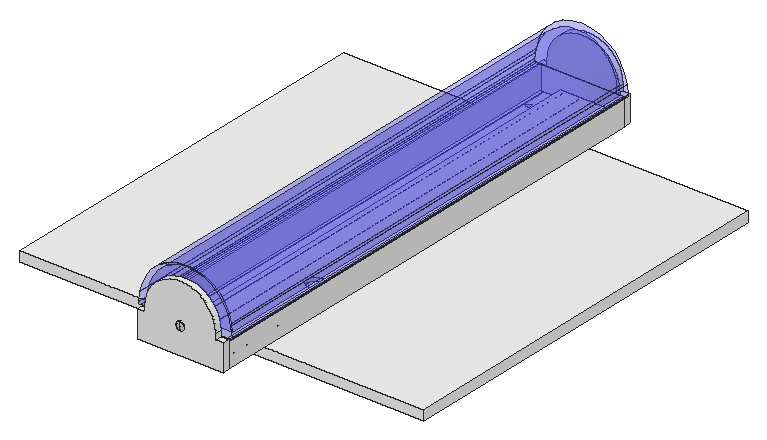
Revit family "BE_50224.1_de_DE", category Leuchten, Revit 2020
Family settings
  Basisbauteil = Fläche
  Bemaßung runder Anschluss = Durchmesser verwenden
  Teiletyp = Normal
  Beim Laden mit Abzugskörper schneiden = Ja
  Lichtquelle = Ja
  Gemeinsam genutzt = Nein
  Raumberechnungspunkt = Ja
Parameters (values of type "BEGA_50224.1_K27")
  built-in parameter 1150104 = 12.551 (stored number, unit not read)
  Wattage = 11.4 W
  Default Elevation = 0 mm
  built-in parameter 1150113 = 1 (stored number, unit not read)
  built-in parameter 1114218 = 1 (stored number, unit not read)
  Umgebungstemperatur = "25 °C"
  URL = "https://www.bega.com/de/produkt/50224.1"
  Typenkommentare = "© 2022 BEGA. Wir behalten uns das Recht vor, technische Änderungen ohne vorherige Ankündigung vorzunehmen."  # constant formula
  built-in parameter 1150134 = 12
  built-in parameter 1150109 = 1 (stored number, unit not read)
  Strom = ""
  built-in parameter 1150110 = 1 (stored number, unit not read)
  Spannung = 239.996 V
  Sonderanfertigung = no
  Seriennummer [instance] = "Hier können Sie die eindeutige Seriennummer für das Facility Management eintragen."
  Schutzklasse = "I"
  Schutzart = "IP 20"
  Scheinlast = 0 VA
  Produktdatenblatt = "https://cdn.bega.com/bega/products/50224.1K27/current/documents/data-sheets/de"
  Oberflächentemperatur = ""
  Neigungswinkel = 0.00°
  Modell = "50224.1K27"
  Material_17 = BEGA_Reflektor
  Material_15 = BEGA_Leuchtmedium_matt
  Material_14 = BEGA_Kunststoff_opal
  Material_11 = BEGA_Glas_opal
  Material_09 = BEGA_Glas_klar
  Material_06 = BEGA_Oberfläche_Edelstahl_gebürstet
  Material_05 = BEGA_Oberfläche_Aluminium Guss
  Material_03 = BEGA_Oberfläche_Weiss_matt
  Material_02 = BEGA_Oberfläche_Silber_matt
  Material_01 [instance] = BEGA_Oberfläche_Grafit_matt
  M_W = no
  M_G = no
  M_A = no
  Logo = 0
  built-in parameter 1114217 = 1 (stored number, unit not read)
  built-in parameter 1150139 = (empty or 0)
  built-in parameter 1150105 = 122.56 (stored number, unit not read)
  built-in parameter 1150114 = 1 (stored number, unit not read)
  Lumens = 1540.14 lm
  built-in parameter 1150115 = 1 (stored number, unit not read)
  Leuchtenlichtstrom = "1252 lm"
  Leuchtenanzahl = ""
  Lebensdauerkriterien = "L70B50 @ 25 °C = 200000 h"
  Lastklassifizierung = Beleuchtung
  built-in parameter 1150112 = 1 (stored number, unit not read)
  Lampenlichtstrom = "1730 lm"
  Lampe = "LED 11.2 W"
  LED_Modulbezeichnung = "2x LED-0626/927"
  Hersteller = "BEGA"  # constant formula
  Halbstreuwinkel = ""
  Gewicht = "1.33 kg"
  Gebrauchslageneinschränkung [instance] = ""
  Frequenz = "0/50-60 Hz"
  Farbwiedergabeindex = "CRI > 90"
  Farbtemperaturverschiebung bei Dämpfen der Lampe = <Keine Auswahl>
  Farbtemperatur = "2700 K"
  Color Filter = 16777215
  built-in parameter 1150133 = 10 (stored number, unit not read)
  Energieeffizienzklasse = "LED A++ - A"
  built-in parameter 1150137 = (empty or 0)
  built-in parameter 1150132 = (empty or 0)
  ENEC = "ja"
  Dimmbar [instance] = "on/off"
  Datei für fotometrisches Netz = "BE_50224.1K27.IES"
  CE_Konformität = "ja"
  Bestellnummer = "50224.1K27"
  Beschreibung_Sonderanfertigung = "Hier können Sie Informationen zur Sonderanfertigung eintragen."
  Beschreibung = "Wandleuchte"
  built-in parameter 1150106 = 1.2256 (stored number, unit not read)
  Befestigungsbohrung = "Ø 5 mm"
  Befestigungsabstand = "440 x 65 mm"
  Ballwurfsicher = ""
  BEGA_Intern_aus = yes
  BEGA_Intern_an = yes
  BEGA_Intern_Konstruktion = yes
  BEGA_Intern = yes
  BEGA_IES = yes
  BEGA_Dummy = no
  Anschlussleitung = ""
  Anschlussleistung [instance] = "14.1 W"
  Anschlusskasten = ""
  built-in parameter 1150107 = 4000 (stored number, unit not read)
  built-in parameter 1150102 = (empty or 0)
  built-in parameter 1150138 = (empty or 0)
  Aktualisierung = "2022-05-19T04:00:07"
  Abstand_zur_angestrahlten_Fläche [instance] = ""
  AC/DC = "AC/DC"
Types (3, lengths in mm): name | built-in parameter 1150104 | built-in parameter 1150134 | Modell | built-in parameter 1150105 | Lumens | Leuchtenlichtstrom | Lampenlichtstrom | LED_Modulbezeichnung | Farbtemperatur | Datei für fotometrisches Netz | Bestellnummer | built-in parameter 1150106 | built-in parameter 1150107
  BEGA_50224.1_K3 | 12.142 (stored number, unit not read) | (empty or 0) | "50224.1K3" | 118.57 (stored number, unit not read) | 1489.98 lm | "1426 lm" | "1790 lm" | "2x LED-0626/930" | "3000 K" | "BE_50224.1K3.IES" | "50224.1K3" | 1.1857 (stored number, unit not read) | 3000 (stored number, unit not read)
  BEGA_50224.1_K4 | 12.551 (stored number, unit not read) | 12 | "50224.1K4" | 122.56 (stored number, unit not read) | 1540.14 lm | "1426 lm" | "1790 lm" | "2x LED-0626/930" | "4000 K" | "BE_50224.1K4.IES" | "50224.1K4" | 1.2256 (stored number, unit not read) | 4000 (stored number, unit not read)
  BEGA_50224.1_K27 | 12.551 (stored number, unit not read) | 12 | "50224.1K27" | 122.56 (stored number, unit not read) | 1540.14 lm | "1252 lm" | "1730 lm" | "2x LED-0626/927" | "2700 K" | "BE_50224.1K27.IES" | "50224.1K27" | 1.2256 (stored number, unit not read) | 4000 (stored number, unit not read)
Reference planes
  plane 1 "Mitte (Vorne/Hinten)": y = 0
  plane 2: z = 0
  plane 3 "Mitte (Links/Rechts)": x = 0
  plane 4 "Links": x = -46.429
  plane 5 "Rechts": x = 46.429
  plane 6 "Unten": y = -251.5
  plane 7 "Oben": y = 251.5
  plane 8 "Vorne": z = 76.8
  plane 9 "Hinten": z = 0
Forms (mm)
  Extrusion 1, solid, material "BEGA_Platte_Weiss"
    sketch origin (0, -1119.2, 0) x (1, 0, 0) y (0, 1, 0)
      loop
        line (-200, 1319.2) -> (-200, 919.2) -> (200, 919.2) -> (200, 1319.2) -> (-200, 1319.2)
    from 0 to -10
  Extrusion 2, solid, material "BEGA_Dummy_matt", visible <- "BEGA_Dummy"
    sketch origin (80.095, -76.023, 0) x (1, 0, 0) y (0, 1, 0)
      loop
        line (-126.525, 327.523) -> (-126.525, -175.477) -> (-33.666, -175.477) -> (-33.666, 327.523) -> (-126.525, 327.523)
    from 0 to 76.8
Dimensions and locks
  plane 1 "Mitte (Vorne/Hinten)" to Extrusion 1 = 200 mm
  aligned and locked: plane 2 to Extrusion 1
  aligned and locked: level to Extrusion 1
Nested families
  nested 1: "BE_50224.1" at (0, 0, 0) x (0, 1, 0) z (0, 0, 1), type "BE_50224.1"
Connectors
  electrical at (0, 0, 0), driven by "Lastklassifizierung", driven by "Spannung", driven by "Scheinlast"
    settings: index 1, voltage 239.996 V, apparent load 0 VA, apparent load phase1 0 VA, apparent load phase2 0 VA, apparent load phase3 0 VA, power factor 1, load classification "Beleuchtung", number of poles 1, system type 31, power factor state 1, is connector primary yes, connector utility no, sub classification motor no, connector description ""
Definition of nested family "BE_50224.1"
  Parameters (values of type "BE_50224.1")
    Default Elevation = 1 mm
    URL = "http://www.bega.de/de/produkt"
    Type Comments = "© 2015 BEGA. Wir behalten uns das Recht vor, technische Änderungen ohne vorherige Ankündigung vorzunehmen. "  # constant formula
    Type Image = (empty or 0)
    Neigungswinkel_um_Z2 = 0.00°
    Neigungswinkel_um_Z1 = 0.00°
    Neigungswinkel_um_Y2 = 0.00°
    Neigungswinkel_um_Y1 = 0.00°
    Neigungswinkel_um_X2 = 0.00°
    Neigungswinkel_um_X1 = 0.00°
    Material_17 = none
    Material_15 = none
    Material_14 = none
    Material_11 = none
    Material_09 = none
    Material_06 = none
    Material_05 = none
    Material_03 = none
    Material_02 = none
    Material_01 = none
    M_W = yes
    M_G = yes
    M_A = yes
    Länge_Platte = 700 mm  # constant formula
    Höhe_Platte = -10 mm  # constant formula
    Manufacturer = "BEGA"  # constant formula
    Drehwinkel_um_Z2 = 0.00°
    Drehwinkel_um_Z1 = 0.00°
    Breite_Platte = 200 mm  # constant formula
  Reference planes
    plane 1 "Mitte (Oben/Unten)": y = 0
    plane 2: z = 0
    plane 3 "Mitte (Links/Rechts)": x = 0
    plane 4: z = 76.8
    plane 5: y = -46.429
    plane 6: y = 46.429
    plane 7: x = -251.5
    plane 8: x = 251.5
  Forms (mm)
    Extrusion 1, solid, detail levels medium
      sketch origin (0, 0, 0) x (1, 0, 0) y (0, 1, 0)
        loop
          line (-350, 100) -> (-350, -100) -> (350, -100) -> (350, 100) -> (-350, 100)
      from 0 to -10 <- "Höhe_Platte"
    Extrusion 2, solid, material <- "Material_11", detail levels medium+fine
      sketch origin (0, 0, 0) x (0, 1, 0) y (0, 0, 1)
        loop
          line (-45.002, 38.016) -> (-46.407, 28.597)
          arc (-46.407, 28.597) -> (-45.945, 26.995) -> (-44.429, 26.291) r 2
          line (-44.429, 26.291) -> (44.429, 26.3)
          arc (44.429, 26.3) -> (45.945, 26.995) -> (46.407, 28.597) r 2
          line (46.407, 28.597) -> (45.002, 38.016)
          arc (45.002, 38.016) -> (0, 76.8) -> (-45.002, 38.016) r 45.5
        loop
          line (-42.69, 29.791) -> (42.69, 29.791) -> (41.54, 37.499)
          arc (41.54, 37.499) -> (0, 73.3) -> (-41.54, 37.499) r 42
          line (-41.54, 37.499) -> (-42.69, 29.791)
      from -245.022 to 244.894
    Extrusion 3, solid, material <- "Material_03", detail levels medium+fine
      sketch origin (0, 0, 0) x (0, 1, 0) y (0, 0, -1)
        loop
          line (42.55, -26.291) -> (42.55, 0) -> (-42.55, 0) -> (-42.55, -26.3) -> (-34.8, -26.3) -> (-34.8, -31.3)
          arc (-34.8, -31.3) -> (0, -66.1) -> (34.8, -31.3) r 34.8
          line (34.8, -31.3) -> (34.8, -26.291) -> (42.55, -26.291)
      from 245.022 to 251.5
    Revolve 4, void
      sketch origin (0, 0, 0) x (1, 0, 0) y (0, 0, 1)
        loop
          line (-249.417, 28.317) -> (-252.529, 31.429) -> (-252.529, 26.3) -> (-249.417, 26.3) -> (-249.417, 28.317)
        axis (-249.417, 26.3) -> (-252.529, 26.3)
      angle from 0 to 360
    Revolve 5, solid, material <- "Material_06", detail levels fine
      sketch origin (0, 0, 0) x (1, 0, 0) y (0, 0, 1)
        loop
          arc (-251.428, 30.178) -> (-252.212, 28.307) -> (-252.5, 26.3) r 8
          line (-252.5, 26.3) -> (-249.417, 26.3) -> (-249.417, 28.167) -> (-251.428, 30.178)
        axis (-252.5, 26.3) -> (-249.417, 26.3)
      angle from 0 to 360
    Extrusion 6, void
      sketch origin (0, 0, 0) x (1, 0, 0) y (0, 1, 0)
        loop
          circle (-112, -22.05) r 8.532
        loop
          circle (-220, -32.55) r 2.5
        loop
          circle (220, -32.55) r 2.5
        loop
          circle (-220, 32.45) r 2.5
        loop
          circle (220, 32.45) r 2.5
      from 0 to 10.983
    Extrusion 7, solid, material <- "Material_03", detail levels medium+fine
      sketch origin (0, 0, 0) x (0, 1, 0) y (0, 0, 1)
        loop
          arc (38.75, 1) -> (39.75, 0.732) -> (40.482, 0) r 2
          line (40.482, 0) -> (42.55, 0) -> (42.55, 26) -> (40.75, 26) -> (40.75, 2.8) -> (20.75, 2.8) -> (20.75, 10.5) -> (-39.75, 10.5)
          arc (-39.75, 10.5) -> (-40.457, 10.793) -> (-40.75, 11.5) r 1
          line (-40.75, 11.5) -> (-40.75, 26) -> (-42.55, 26) -> (-42.55, 0) -> (-40.75, 0) -> (-40.75, 6)
          arc (-40.75, 6) -> (-40.164, 7.414) -> (-38.75, 8) r 2
          line (-38.75, 8) -> (-5.45, 8) -> (-5.45, 0) -> (-3.65, 0) -> (-3.65, 6.5)
          arc (-3.65, 6.5) -> (-3.357, 7.207) -> (-2.65, 7.5) r 1
          line (-2.65, 7.5) -> (2.65, 7.5)
          arc (2.65, 7.5) -> (3.357, 7.207) -> (3.65, 6.5) r 1
          line (3.65, 6.5) -> (3.65, 0) -> (5.45, 0) -> (5.45, 7)
          arc (5.45, 7) -> (5.743, 7.707) -> (6.45, 8) r 1
          line (6.45, 8) -> (17.95, 8)
          arc (17.95, 8) -> (18.657, 7.707) -> (18.95, 7) r 1
          line (18.95, 7) -> (18.95, 1) -> (38.75, 1)
      from -245.022 to 244.894
    Extrusion 8, solid, material <- "Material_03", detail levels medium+fine
      sketch origin (0, 0, 0) x (0, 1, 0) y (0, 0, 1)
        loop
          line (42.55, 26.291) -> (34.8, 26.291) -> (34.8, 31.3)
          arc (34.8, 31.3) -> (0, 66.1) -> (-34.8, 31.3) r 34.8
          line (-34.8, 31.3) -> (-34.8, 26.3) -> (-42.55, 26.3) -> (-42.55, 0) -> (42.55, 0) -> (42.55, 26.291)
      from 244.894 to 251.5
    Extrusion 9, solid, material <- "Material_11", detail levels medium+fine
      sketch origin (0, 0, 0) x (0, 1, 0) y (0, 0, 1)
        loop
          arc (44.013, 37.868) -> (0, 75.8) -> (-44.013, 37.868) r 44.5
          line (-44.013, 37.868) -> (-45.59, 27.3) -> (45.59, 27.3) -> (44.013, 37.868)
      from 239.954 to 244.894
    Extrusion 10, solid, material <- "Material_11", detail levels medium+fine
      sketch origin (0, 0, 0) x (0, 1, 0) y (0, 0, -1)
        loop
          line (44.013, -37.868) -> (45.59, -27.3) -> (-45.59, -27.3) -> (-44.013, -37.868)
          arc (-44.013, -37.868) -> (0, -75.8) -> (44.013, -37.868) r 44.5
      from 239.845 to 245.022
    Extrusion 11, solid, material <- "Material_14", detail levels medium+fine
      sketch origin (0, 0, 0) x (0, 1, 0) y (0, 0, 1)
        loop
          line (42.55, 21.7) -> (42.55, 5.4) -> (46.05, 5.4) -> (46.05, 21.7) -> (42.55, 21.7)
      from -183.8 to -157.3
    Extrusion 12, solid, material <- "Material_14", detail levels medium+fine
      sketch origin (0, 0, 0) x (1, 0, 0) y (0, 1, 0)
        loop
          arc (-176.17, 52.133) -> (-177.457, 52.361) -> (-178.434, 51.494) r 1.5
          arc (-178.434, 51.494) -> (-179.246, 48.826) -> (-179.52, 46.05) r 14.179
          line (-179.52, 46.05) -> (-161.527, 46.05)
          arc (-161.527, 46.05) -> (-161.972, 47.007) -> (-162.938, 47.434) r 1.5
          arc (-162.938, 47.434) -> (-169.891, 48.836) -> (-176.17, 52.133) r 25
      from 9.55 to 17.55
  Cuts and joins
    Extrusion 6 cuts Extrusion 2
    joined: Extrusion 2, Extrusion 9, Extrusion 10
    Revolve 4, Extrusion 6 cuts Extrusion 3
    joined: Extrusion 3, Extrusion 8
    Extrusion 6 cuts Extrusion 7
    joined: Extrusion 11, Extrusion 12
  Dimensions and locks
    equal spacing: Extrusion 1 sketch curve, plane 3 "Mitte (Links/Rechts)", Extrusion 1 sketch curve
    equal spacing: Extrusion 1 sketch curve, plane 1 "Mitte (Oben/Unten)", Extrusion 1 sketch curve
    "Länge_Platte": Extrusion 1 sketch curve to Extrusion 1 sketch curve
    "Breite_Platte": Extrusion 1 sketch curve to Extrusion 1 sketch curve
    aligned and locked: Extrusion 1 to plane 2
    aligned and locked: level to Extrusion 1
  Automatic sketch dimensions
    Extrusion 2 sketch curve to plane 1 "Mitte (Oben/Unten)" = 0 mm
    Extrusion 2 sketch curve to Extrusion 2 sketch curve = 1.978 mm  (x2)
    level to Extrusion 2 sketch curve = 28.3 mm
    Extrusion 2 sketch curve to Extrusion 2 sketch curve = 0.297 mm  (x2)
    level to Extrusion 2 sketch curve = 31.3 mm
    Extrusion 2 sketch curve to Extrusion 2 sketch curve = 9.419 mm
    Extrusion 2 sketch curve to Extrusion 2 sketch curve = 0 mm  (x4)
    Extrusion 2 sketch curve to Extrusion 2 sketch curve = 0.009 mm
    Extrusion 3 sketch curve to level = 0 mm
    Extrusion 3 sketch curve to plane 1 "Mitte (Oben/Unten)" = 0 mm
    Extrusion 3 sketch curve to Extrusion 3 sketch curve = 7.75 mm  (x2)
    Extrusion 3 sketch curve to Extrusion 3 sketch curve = 26.291 mm
    Extrusion 3 sketch curve to Extrusion 3 sketch curve = 26.3 mm
    Extrusion 3 sketch curve to Extrusion 3 sketch curve = 5 mm
    Revolve 5 sketch curve to Revolve 5 sketch curve = 1.072 mm
    Revolve 5 sketch curve to Revolve 5 sketch curve = 2.011 mm
    Revolve 5 sketch curve to Revolve 5 sketch curve = 4.916 mm
    level to Revolve 5 sketch curve = 26.175 mm
    Revolve 5 sketch curve to Revolve 5 sketch curve = 0.125 mm
    Revolve 5 sketch curve to Revolve 5 sketch curve = 1.867 mm
    Revolve 5 sketch curve to Revolve 5 sketch curve = 0.801 mm
    Revolve 5 sketch curve to Revolve 5 sketch curve = 0.011 mm
    Revolve 5 sketch curve to Revolve 5 sketch curve = 0 mm
    Extrusion 7 sketch curve to level = 0 mm  (x4)
    Extrusion 7 sketch curve to Extrusion 7 sketch curve = 1.8 mm  (x6)
    Extrusion 7 sketch curve to Extrusion 7 sketch curve = 1 mm  (x5)
    plane 1 "Mitte (Oben/Unten)" to Extrusion 7 sketch curve = 5.45 mm
    Extrusion 7 sketch curve to plane 1 "Mitte (Oben/Unten)" = 2.65 mm
    Extrusion 7 sketch curve to plane 1 "Mitte (Oben/Unten)" = 3.65 mm
    Extrusion 7 sketch curve to Extrusion 7 sketch curve = 11.5 mm
    level to Extrusion 7 sketch curve = 1 mm
    Extrusion 7 sketch curve to Extrusion 7 sketch curve = 2.8 mm
    Extrusion 7 sketch curve to Extrusion 7 sketch curve = 1.732 mm
    Extrusion 7 sketch curve to Extrusion 7 sketch curve = 2 mm
    level to Extrusion 7 sketch curve = 6 mm
    Extrusion 7 sketch curve to Extrusion 7 sketch curve = 1.5 mm
    Extrusion 7 sketch curve to Extrusion 7 sketch curve = 0.5 mm
    Extrusion 7 sketch curve to Extrusion 7 sketch curve = 2.5 mm
    Extrusion 7 sketch curve to Extrusion 7 sketch curve = 14.5 mm
    Extrusion 7 sketch curve to Extrusion 7 sketch curve = 23.2 mm
    Extrusion 8 sketch curve to level = 0 mm
    Extrusion 8 sketch curve to plane 1 "Mitte (Oben/Unten)" = 0 mm
    Extrusion 8 sketch curve to Extrusion 8 sketch curve = 7.75 mm  (x2)
    level to Extrusion 8 sketch curve = 26.291 mm
    level to Extrusion 8 sketch curve = 26.3 mm
    Extrusion 8 sketch curve to Extrusion 8 sketch curve = 5.009 mm
    Extrusion 9 sketch curve to plane 1 "Mitte (Oben/Unten)" = 0 mm
    level to Extrusion 9 sketch curve = 27.3 mm
    level to Extrusion 9 sketch curve = 31.3 mm
    Extrusion 9 sketch curve to Extrusion 9 sketch curve = 0 mm  (x3)
    Extrusion 9 sketch curve to Extrusion 9 sketch curve = 10.568 mm  (x2)
    Extrusion 10 sketch curve to plane 1 "Mitte (Oben/Unten)" = 0 mm
    level to Extrusion 10 sketch curve = 31.3 mm
    level to Extrusion 10 sketch curve = 27.3 mm
    Extrusion 10 sketch curve to Extrusion 10 sketch curve = 0 mm  (x4)
    Extrusion 10 sketch curve to Extrusion 10 sketch curve = 10.568 mm
    Extrusion 2 sketch curve to Extrusion 2 sketch curve = 1.739 mm  (x2)
    Extrusion 2 sketch curve to Extrusion 2 sketch curve = 1.195 mm  (x2)
    Extrusion 2 sketch curve to Extrusion 2 sketch curve = 0.517 mm  (x2)
    Extrusion 2 sketch curve to Extrusion 2 sketch curve = 3.462 mm
    Extrusion 11 sketch curve to Extrusion 11 sketch curve = 3.5 mm
    level to Extrusion 11 sketch curve = 5.4 mm
    Extrusion 11 sketch curve to Extrusion 11 sketch curve = 16.3 mm
    Extrusion 12 sketch curve to Extrusion 12 sketch curve = 1.385 mm
    Extrusion 12 sketch curve to Extrusion 12 sketch curve = 2.319 mm
    Extrusion 12 sketch curve to Extrusion 12 sketch curve = 1.5 mm
    Extrusion 12 sketch curve to Extrusion 12 sketch curve = 0.114 mm  (x2)
    Extrusion 12 sketch curve to Extrusion 12 sketch curve = 0 mm  (x2)
    Extrusion 12 sketch curve to Extrusion 12 sketch curve = 0.085 mm
    Extrusion 12 sketch curve to Extrusion 12 sketch curve = 1.496 mm
    Revolve 5 sketch curve to plane 3 "Mitte (Links/Rechts)" = 252.5 mm
    Extrusion 12 sketch curve to plane 3 "Mitte (Links/Rechts)" = 179.52 mm
    level to Extrusion 2 sketch curve = 37.499 mm
    Extrusion 2 sketch curve to Extrusion 2 sketch curve = 1.15 mm  (x2)
    Extrusion 7 sketch curve to Extrusion 7 sketch curve = 18 mm
    Extrusion 9 sketch curve to plane 1 "Mitte (Oben/Unten)" = 45.59 mm
    Extrusion 9 sketch curve to Extrusion 9 sketch curve = 1.577 mm  (x2)
    Extrusion 10 sketch curve to plane 1 "Mitte (Oben/Unten)" = 45.59 mm
    Extrusion 10 sketch curve to Extrusion 10 sketch curve = 1.577 mm  (x2)
    Extrusion 11 sketch curve to plane 1 "Mitte (Oben/Unten)" = 42.55 mm
    Extrusion 12 sketch curve to Extrusion 12 sketch curve = 2.472 mm
    Extrusion 12 sketch curve to Extrusion 12 sketch curve = 11.707 mm
    Extrusion 12 sketch curve to plane 1 "Mitte (Oben/Unten)" = 45.936 mm
    Extrusion 12 sketch curve to Extrusion 12 sketch curve = 24.96 mm
    Extrusion 12 sketch curve to Extrusion 12 sketch curve = 0.879 mm
    plane 1 "Mitte (Oben/Unten)" to Extrusion 2 sketch curve = 41.54 mm
    plane 1 "Mitte (Oben/Unten)" to Extrusion 3 sketch curve = 34.8 mm
    Extrusion 7 sketch curve to Extrusion 7 sketch curve = 33.3 mm
    plane 1 "Mitte (Oben/Unten)" to Extrusion 8 sketch curve = 34.8 mm
    plane 1 "Mitte (Oben/Unten)" to Extrusion 9 sketch curve = 45.59 mm
    plane 1 "Mitte (Oben/Unten)" to Extrusion 10 sketch curve = 45.59 mm
    plane 1 "Mitte (Oben/Unten)" to Extrusion 6 sketch curve = 22.05 mm
    plane 5 to Extrusion 6 sketch curve = 13.879 mm  (x2)
    plane 6 to Extrusion 6 sketch curve = 13.979 mm  (x2)
    Revolve 4 sketch curve to Revolve 4 sketch curve = 3.112 mm  (x2)
    level to Revolve 4 sketch curve = 26.3 mm
    Revolve 4 sketch curve to Revolve 4 sketch curve = 2.017 mm
    Revolve 4 sketch curve to Revolve 4 sketch curve = 0 mm  (x2)
    Revolve 4 sketch curve to Revolve 4 sketch curve = 0.612 mm
    plane 7 to Revolve 4 sketch curve = 1.029 mm
    Extrusion 6 sketch curve to plane 3 "Mitte (Links/Rechts)" = 112 mm
    Extrusion 6 sketch curve to plane 7 = 31.5 mm  (x2)
    plane 3 "Mitte (Links/Rechts)" to Extrusion 6 sketch curve = 220 mm
    Extrusion 6 sketch curve to Extrusion 6 sketch curve = 0 mm
    radius of Extrusion 6 sketch curve = 8.532 mm
    radius of Extrusion 6 sketch curve = 2.5 mm  (x4)
